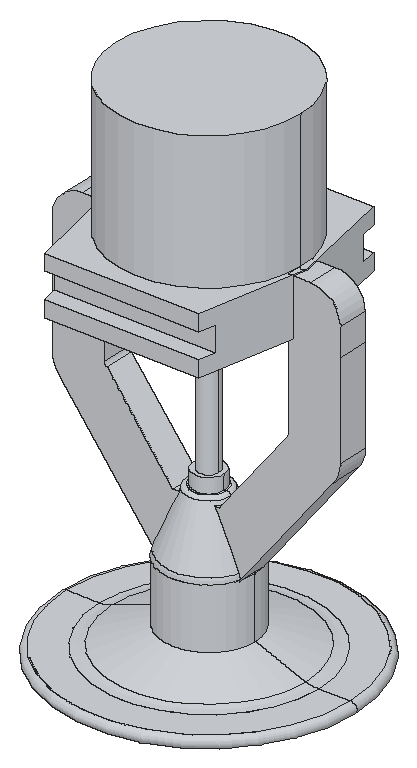
Revit family
Parameters (values of type "RASCO J112 PENDENT")
  Temperature Rating = 155 °F
  Response = 1
  RASCO SIN # = "RA7216"
  RASCO Part # = "J112P1W"
  Pressure Rating = "175 PSI"
  Pressure Class = (empty or 0)
  Orifice Size = 3/4"
  Orifice = (empty or 0)
  Model = "J112"
  Manufacturer = "RASCO"
  K-Factor = 11.2
  Description = "WHITE FINISH"
  Coverage = (empty or 0)
Reference planes (in)
  plane 1 "Center (Front/Back)": y = 0
  plane 2: z = 0
  plane 3 "Center (Left/Right)": x = 0
Nested families (in)
  nested 1: "J112P1W" at (0, 0, 3.23226) x (-1, 0, 0) z (0, 0, -1), type "RASCO J112 PENDENT"
Connectors (in)
  piping at (0, 0, 3.23226)
    settings: on nested 1, index 1, connector radius 1/2", flow factor 0, pipe flow 0 GPM, pressure drop 0.00 psi, fitting loss kfactor 0, connector angle 0.00°, fixture units 0, flow configuration 0, flow direction 0, fitting loss method 0, system type 7, connector reference index -1, connector utility 0, adjustable connector no, is connector primary yes, fitting loss table "", connector description ""
Definition of nested family "J112P1W"
  Parameters (values of type "RASCO J112 PENDENT")
    Type Comments = ""
    Temperature Rating = 0 °F
    Response = (empty or 0)
    Pressure Rating = "0"
    Pressure Class = (empty or 0)
    Orifice Size = 0"
    Orifice = (empty or 0)
    Model = ""
    Manufacturer = ""
    K-Factor = 0
    Description = ""
    Coverage = (empty or 0)
    Assembly Code = ""
  Reference planes (in)
    plane 1 "Center (Front/Back)": y = 0
    plane 2: z = 0
    plane 3 "REF.1": z = 0.773
    plane 4 "top": z = 2.8125
    plane 5: x = -0.81624
    plane 6: x = 0.81332
    plane 7 "ref.2": z = 2.098
    plane 8 "head": z = 2.6725
    plane 9 "left/right center": x = 0
    plane 10 "screw": z = 1.98251
    plane 11 "bulb": z = 1.098
    plane 12: z = 2.95
  Forms (in)
    Extrusion 1, solid
      sketch origin (0, 0, 0) x (1, 0, 0) y (0, 1, 0)
        loop
          circle (0, 0) r 0.5221
      from 0 to 0.773
    Extrusion 2, solid
      sketch origin (0, 0, 0.773) x (-1, 0, 0) y (0, -1, 0)
        loop
          line (-0.43619, -0.62052) -> (0.4375, -0.62052) -> (0.56391, 0) -> (0.4375, 0.62052) -> (-0.43619, 0.62052) -> (-0.56259, 0) -> (-0.43619, -0.62052)
      from 0 to 0.325
    Extrusion 3, void
      sketch origin (0, 0, 0) x (1, 0, 0) y (0, 0, 1)
        loop
          line (-0.56391, 1.00774) -> (-0.56391, 0.86298) -> (0.56259, 0.86298) -> (0.56259, 1.00774) -> (-0.56391, 1.00774)
      from 0.52148 to 0.62052
    Extrusion 4, solid
      sketch origin (0, 0, 0) x (1, 0, 0) y (0, 0, 1)
        loop
          line (-0.5221, 0.773) -> (-0.5221, 1.098) -> (-0.5221, 1.58091)
          arc (-0.5221, 1.58091) -> (-0.5194, 1.59708) -> (-0.51161, 1.61149) r 0.04979
          line (-0.51161, 1.61149) -> (-0.13316, 2.098) -> (-0.00066, 2.098) -> (0.13184, 2.098) -> (0.5115, 1.61158)
          arc (0.5115, 1.61158) -> (0.51938, 1.59706) -> (0.5221, 1.58077) r 0.05007
          line (0.5221, 1.58077) -> (0.5221, 1.098) -> (0.5221, 0.773) -> (0.64763, 0.773)
          arc (0.64763, 0.773) -> (0.76676, 0.82234) -> (0.8161, 0.94147) r 0.16847
          line (0.8161, 0.94147) -> (0.8161, 1.098) -> (0.8161, 1.63725)
          arc (0.8161, 1.63725) -> (0.80631, 1.69579) -> (0.77801, 1.74796) r 0.17993
          line (0.77801, 1.74796) -> (0.18552, 2.50706) -> (-0.18743, 2.50706) -> (-0.77818, 1.74764)
          arc (-0.77818, 1.74764) -> (-0.80636, 1.69554) -> (-0.8161, 1.63712) r 0.18
          line (-0.8161, 1.63712) -> (-0.8161, 1.098) -> (-0.8161, 0.94094)
          arc (-0.8161, 0.94094) -> (-0.76691, 0.82219) -> (-0.64816, 0.773) r 0.16794
          line (-0.64816, 0.773) -> (-0.5221, 0.773)
      from -0.08649 to 0.08732
    Extrusion 5, void
      sketch origin (0.00728, 1.142, 0) x (1, 0, 0) y (0, 0, 1)
        loop
          line (-0.56391, 1.00774) -> (-0.56391, 0.86298) -> (0.56259, 0.86298) -> (0.56259, 1.00774) -> (-0.56391, 1.00774)
      from 0.52148 to 0.62052
    Revolve 6, solid
      sketch origin (0, 0, 0) x (1, 0, 0) y (0, 0, 1)
        loop
          line (-0.00066, 2.8125) -> (-0.24139, 2.8125)
          arc (-0.24139, 2.8125) -> (-0.25522, 2.80677) -> (-0.26095, 2.79293) r 0.01957
          line (-0.26095, 2.79293) -> (-0.26095, 2.42899)
          arc (-0.26095, 2.42899) -> (-0.25939, 2.41285) -> (-0.25476, 2.3973) r 0.08419
          line (-0.25476, 2.3973) -> (-0.12582, 2.07995)
          arc (-0.12582, 2.07995) -> (-0.11591, 2.06775) -> (-0.10088, 2.06316) r 0.02692
          line (-0.10088, 2.06316) -> (-0.00066, 2.06316) -> (-0.00066, 2.8125)
        axis (-0.00066, 2.8125) -> (-0.00066, 2.06316)
      angle from 0 to 360
    Extrusion 7, solid
      sketch origin (0, 0, 2.8125) x (-1, 0, 0) y (0, -1, 0)
        loop
          circle (0.00095, 0) r 0.18173
      from 0 to 0.01153
    Extrusion 8, solid
      sketch origin (0, 0, 1.98251) x (-1, 0, 0) y (0, -1, 0)
        loop
          circle (0, 0) r 0.087
      from 0 to 0.0806
    Extrusion 9, solid
      sketch origin (0, 0, 1.098) x (-1, 0, 0) y (0, -1, 0)
        loop
          circle (0, 0) r 0.05954
      from 0 to 0.88451
    Revolve 10, solid
      sketch origin (0, 0, 0) x (1, 0, 0) y (0, 0, 1)
        loop
          arc (-0.80541, 2.95) -> (-0.83791, 2.91744) -> (-0.80529, 2.885) r 0.0325
          line (-0.80529, 2.885) -> (-0.6226, 2.885)
          arc (-0.6226, 2.885) -> (-0.58658, 2.88196) -> (-0.55157, 2.87291) r 0.21476
          line (-0.55157, 2.87291) -> (-0.20963, 2.75307)
          arc (-0.20963, 2.75307) -> (-0.1935, 2.7489) -> (-0.1769, 2.7475) r 0.09897
          line (-0.1769, 2.7475) -> (-0.00095, 2.7475) -> (-0.00095, 2.8125) -> (-0.1642, 2.8125)
          arc (-0.1642, 2.8125) -> (-0.18242, 2.81404) -> (-0.20012, 2.81861) r 0.10861
          line (-0.20012, 2.81861) -> (-0.53776, 2.93695)
          arc (-0.53776, 2.93695) -> (-0.57556, 2.94671) -> (-0.61446, 2.95) r 0.23187
          line (-0.61446, 2.95) -> (-0.80541, 2.95)
        axis (0, 2.95) -> (0, 2.7475)
      angle from 0 to 360
  Cuts and joins
    Extrusion 3, Extrusion 5 cuts Extrusion 2
  Dimensions and locks (in)
    plane 12 to level = 0' - 2.95"
